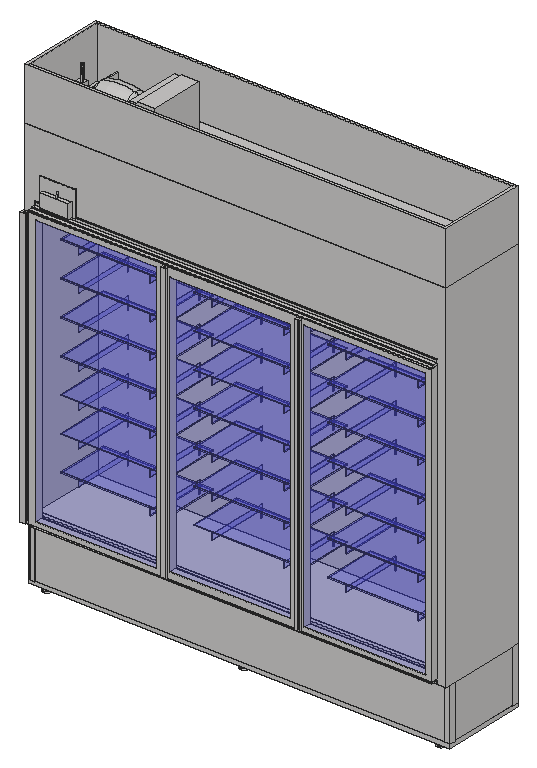
Revit family "Food-Service-Equipment_Oscartek_Muro_Gala-2274Sc_cat", category Specialty Equipment, Revit 2026
Family settings
  Round Connector Dimension = Use Diameter
  Part Type = Normal
  Classification Number = 23.40.40.11
  Work Plane-Based = No
  Enable Cutting in Views = No
  Always vertical = Yes
  Cut with Voids When Loaded = No
  Maintain Annotation Orientation = No
  Shared = No
  Room Calculation Point = No
Parameters
  Wine Shelf = Part Code = 1  # yes
  Weight in Pounds = 661  # constant formula
  Watts = Volts * FL Amps  # 2860 W
  Volts = 220 V
  URL Cutsheet = "www.oscartek.com"
  URL = "www.oscartek.com"
  Type Comments = "As Specified"
  Test Data = "http://www.oscartek.com/company/clients.php"
  Specification by User = ""
  Specification by Manufacturer = ""
  Specification = "https://www.arcat.com/arcatcos/cos48/arc48760.html"
  Show Clearance [instance] = yes
  Serial Number = ""
  Self Contained [instance] = yes
  Seismic Rating = ""
  Sales Information = "http://www.oscartek.com/company/contact.php"
  SMACNA No = ""
  Revision Code = ""
  Revision = "R1_2018-10"
  Product Data = "http://www.oscartek.com/support/manuals/"
  Phase = 1
  Part Code = 1
  Number of Poles = 1
  NAFEM Spec ID Number = ""
  Model = "MURO GALA 1552"
  Min Ckt Ampacity = 0 A
  Meat Shelf = Part Code = 2  # no
  Max Overcurrent Protection = 0 A
  Masterspec = ""
  Manufacturer Website = "http://www.oscartek.com/index.php"
  Manufacturer Phone - Toll Free = "855-885-2400"
  Manufacturer Phone = "650-342-2400"
  Manufacturer Fax = "650-342-7400"
  Manufacturer Address = "361 Beach Rd., Burlingame, CA 94010"
  Manufacturer = "OSCARTEK"
  Length = 89 1/2"
  Item Number = ""
  Installed By = ""
  Installation-Fabrication = "http://www.oscartek.com/support/manuals/"
  Identify Quantity as Lot = yes
  Height = 89 1/8"
  HP = ""
  Green Building-LEED = "https://www.arcat.com/green/green_building.shtml"
  Furnished By = ""
  Foodservice Equipment Identifier = yes
  FL Amps = 13 A
  Electrical Remarks = ""
  Electric Connection Type = ""
  Elec Conn RI Height = 0"
  Elec Conn Connection Height = 0"
  Drawn By = "Sumex Design, Inc. / Robert S. Weygant, CSI, CDT, SCIP"
  Description = "MURO GALA WINE SHOWCASE"
  Depth = 21 1/4"
  Deli/Pastry = Part Code = 3  # no
  Default Elevation = 0"
  Cycle = 60 Hz
  Copyright = "©Arcat Inc."
  Construction Details = "http://www.oscartek.com/support/manuals/"
  Conn Plug = ""
  Conn Conduit = yes
  Category = ""
  CSI MasterFormat = "11 41 33"
  Building Codes = "https://www.arcat.com/arcatcos/cos48/arc48760.html"
  BTUH = 8960.0 Btu/h  # constant formula
  Apparent Power = 0 VA
Reference planes (in)
  plane 1 "BACK": y = 0
  plane 2: z = 0
  plane 3 "LEFT": x = 0
  plane 4 "RIGHT": x = 89.5
  plane 5 "FRONT": y = -21.25
  plane 6 "TOP": z = 89.125
  plane 7 "Center Y": x = 44.75
  plane 8 "Center X": y = -10.625
  plane 9: y = -18.875
  plane 10: z = 13
  plane 11: y = -17.875
  plane 12: y = -17.10376
  plane 13: x = 0.8125
  plane 14: z = 100.3125
  plane 15: z = 13.95302
  plane 16: z = 80.25948
Forms (in)
  Extrusion 1, solid, material "QF_Metal - Stainless - Polished"
    sketch origin (2.12815, -180, 1) x (-1, 0, 0) y (0, -1, 0)
      loop
        line (2.12815, -180) -> (2.12815, -162.125) -> (-87.37185, -162.125) -> (-87.37185, -180) -> (2.12815, -180)
    from 0 to 0.77224
  Extrusion 2, solid, material "QF_Metal - Stainless - Polished"
    sketch origin (2.12815, -180, 1) x (-1, 0, 0) y (0, -1, 0)
      loop
        line (2.00315, -179.875) -> (2.00315, -162.25) -> (-87.24685, -162.25) -> (-87.24685, -179.875) -> (2.00315, -179.875)
    from 0.77224 to 12
  Extrusion 3, solid, material "QF_Metal - Stainless - Polished"
    sketch origin (2.12815, -180, 1) x (-1, 0, 0) y (0, -1, 0)
      loop
        line (2.12815, -162.125) -> (0.9471, -162.125) -> (0.9471, -162.25) -> (2.00315, -162.25) -> (2.00315, -163.30158) -> (2.12815, -163.30158) -> (2.12815, -162.125)
      loop
        line (2.12815, -180) -> (2.12815, -178.82342) -> (2.00315, -178.82342) -> (2.00315, -179.875) -> (0.9471, -179.875) -> (0.9471, -180) -> (2.12815, -180)
      loop
        line (-87.37185, -162.125) -> (-87.37185, -163.30158) -> (-87.24685, -163.30158) -> (-87.24685, -162.25) -> (-86.19079, -162.25) -> (-86.19079, -162.125) -> (-87.37185, -162.125)
      loop
        line (-87.37185, -180) -> (-86.19079, -180) -> (-86.19079, -179.875) -> (-87.24685, -179.875) -> (-87.24685, -178.82342) -> (-87.37185, -178.82342) -> (-87.37185, -180)
    from 0.77224 to 12
  Extrusion 4, solid, material "QF_Metal - Stainless - Polished"
    sketch origin (2.22482, -18.69945, 16.73883) x (0, 0, 1) y (0, 1, 0)
      loop
        line (60.874, -0.20444) -> (58.03695, -0.13289) -> (58.03695, -0.02289) -> (57.95815, -0.02289) -> (57.95815, -1.42335) -> (58.03068, -1.42335) -> (58.03068, -1.31499) -> (60.874, -1.24344) -> (60.874, -0.20444)
    from -7.78986 to -1.85098
  Extrusion 5, solid, material "QF_Metal - Stainless - Polished"
    sketch origin (2.59531, -18.82445, 1.00948) x (1, 0, 0) y (0, 0, 1)
      loop
        line (4.67444, 77.66724) -> (4.52238, 77.66724) -> (4.4293, 76.60335) -> (4.74884, 76.60335) -> (4.67444, 77.66724)
    from 0.55953 to 0.63834
  Extrusion 6, solid, material "QF_Metal - Stainless - Polished"
    sketch origin (2.59531, -16.70625, 1.00948) x (1, 0, 0) y (0, 0, 1)
      loop
        line (0.70465, 79.25) -> (0.70465, 73.6875) -> (8.18733, 73.6875) -> (8.18733, 79.25) -> (0.70465, 79.25)
    from 2.16875 to 2.29518
  Extrusion 7, solid, material "QF_Metal - Stainless - Polished", not visible
    sketch origin (1.45466, -18.69945, 15.86172) x (0, 0, 1) y (0, 1, 0)
      loop
        line (60.874, -0.20444) -> (58.03695, -0.13289) -> (58.03695, -0.02289) -> (57.95815, -0.02289) -> (57.95815, -1.42335) -> (58.03068, -1.42335) -> (58.03068, -1.31499) -> (60.874, -1.24344) -> (60.874, -0.20444)
    from -7.78986 to -1.85098
  Extrusion 8, solid, material "QF_Metal - Stainless - Polished", not visible
    sketch origin (1.82515, -18.82445, 0.13237) x (1, 0, 0) y (0, 0, 1)
      loop
        line (4.67444, 77.66724) -> (4.52238, 77.66724) -> (4.4293, 76.60335) -> (4.74884, 76.60335) -> (4.67444, 77.66724)
    from 0.55953 to 0.63834
  Extrusion 9, solid, material "QF_Metal - Stainless - Polished", not visible
    sketch origin (1.82515, -16.70625, 0.13237) x (1, 0, 0) y (0, 0, 1)
      loop
        line (0.70465, 79.25) -> (0.70465, 73.6875) -> (8.18733, 73.6875) -> (8.18733, 79.25) -> (0.70465, 79.25)
    from 2.16875 to 2.29518
  Revolve 10, solid, material "QF_Metal - Stainless - Polished"
    sketch origin (0.60934, -16.5, 0) x (1, 0, 0) y (0, 0, 1)
      loop
        line (2.26562, 1) -> (2.06871, 1) -> (2.06871, 0.39383) -> (1.89149, 0.39383) -> (1.89149, 0.22612) -> (1.33888, 0.22612) -> (1.29089, 0.11815) -> (1.55673, 0) -> (2.26562, 0) -> (2.26562, 1)
      axis (2.26562, 1) -> (2.26562, 0)
    angle from 0 to 360
  Revolve 11, solid, material "QF_Metal - Stainless - Polished"
    sketch origin (0.60934, -1.37841, 0) x (1, 0, 0) y (0, 0, 1)
      loop
        line (2.26562, 1) -> (2.06871, 1) -> (2.06871, 0.39383) -> (1.89149, 0.39383) -> (1.89149, 0.22612) -> (1.33888, 0.22612) -> (1.29089, 0.11815) -> (1.55673, 0) -> (2.26562, 0) -> (2.26562, 1)
      axis (2.26562, 1) -> (2.26562, 0)
    angle from 0 to 360
  Revolve 12, solid, material "QF_Metal - Stainless - Polished"
    sketch origin (88.89066, -16.5, 0) x (-1, 0, 0) y (0, 0, -1)
      loop
        line (2.26562, -1) -> (2.26562, 0) -> (1.55673, 0) -> (1.29089, -0.11815) -> (1.33888, -0.22612) -> (1.89149, -0.22612) -> (1.89149, -0.39383) -> (2.06871, -0.39383) -> (2.06871, -1) -> (2.26562, -1)
      axis (2.26562, -1) -> (2.26562, 0)
    angle from 0 to 360
  Revolve 13, solid, material "QF_Metal - Stainless - Polished"
    sketch origin (88.89066, -1.37841, 0) x (-1, 0, 0) y (0, 0, -1)
      loop
        line (2.26562, -1) -> (2.26562, 0) -> (1.55673, 0) -> (1.29089, -0.11815) -> (1.33888, -0.22612) -> (1.89149, -0.22612) -> (1.89149, -0.39383) -> (2.06871, -0.39383) -> (2.06871, -1) -> (2.26562, -1)
      axis (2.26562, -1) -> (2.26562, 0)
    angle from 0 to 360
  Revolve 14, solid, material "QF_Metal - Stainless - Polished"
    sketch origin (42.48438, -16.5, 0.04719) x (1, 0, 0) y (0, 0, 1)
      loop
        line (2.26562, 1) -> (2.06871, 1) -> (2.06871, 0.39383) -> (1.89149, 0.39383) -> (1.89149, 0.22612) -> (1.33888, 0.22612) -> (1.29089, 0.11815) -> (1.55673, 0) -> (2.26562, 0) -> (2.26562, 1)
      axis (2.26562, 1) -> (2.26562, 0)
    angle from 0 to 360
  Revolve 15, solid, material "QF_Metal - Stainless - Polished"
    sketch origin (42.48438, -1.37841, 0.04719) x (1, 0, 0) y (0, 0, 1)
      loop
        line (2.26562, 1) -> (2.06871, 1) -> (2.06871, 0.39383) -> (1.89149, 0.39383) -> (1.89149, 0.22612) -> (1.33888, 0.22612) -> (1.29089, 0.11815) -> (1.55673, 0) -> (2.26562, 0) -> (2.26562, 1)
      axis (2.26562, 1) -> (2.26562, 0)
    angle from 0 to 360
  Extrusion 16, solid, material "QF_Metal - Stainless - Polished", visible <- "Self Contained"
    sketch origin (-2.13784, -1.9932, 0) x (1, 0, 0) y (0, 0, 1)
      loop
        line (28.28383, 89.70947) -> (8.19847, 89.70947) -> (8.19847, 89.125) -> (28.28383, 89.125) -> (28.28383, 89.70947)
    from 3.4046 to 15.22562
  Extrusion 17, solid, material "QF_Metal - Stainless - Polished", visible <- "Self Contained"
    sketch origin (-2.13784, -1.9932, 92.46624) x (1, 0, 0) y (0, 1, 0)
      loop
        circle (4.16024, -4.31623) r 0.25
      loop
        circle (4.62786, -4.86867) r 0.125
    from 0 to 3.1506
  Extrusion 18, solid, material "QF_Metal - Stainless - Polished", visible <- "Self Contained"
    sketch origin (0.77037, -17.21882, 0) x (1, 0, 0) y (0, 0, 1)
      loop
        line (25.37562, 100.2006) -> (21.75243, 100.2006) -> (21.75243, 99.8125) -> (20.17713, 99.8125) -> (20.17713, 98.71313) -> (19.3501, 98.71313) -> (19.3501, 89.96545) -> (20.17713, 89.96545) -> (20.17713, 89.70947) -> (25.37562, 89.70947) -> (25.37562, 100.2006)
    from 0 to -11.82102
  Revolve 19, solid, material "QF_Metal - Stainless - Polished", visible <- "Self Contained"
    sketch origin (3.46994, -9.94729, 89.0625) x (-1, 0, 0) y (0, 0, 1)
      loop
        line (-13.66038, 4.6524) -> (-5.17978, 4.6524) -> (-5.17978, 4.869) -> (-5.24369, 4.93291) -> (-5.43877, 7.16271)
        arc (-5.43877, 7.16271) -> (-5.67776, 7.50021) -> (-6.03996, 7.69977) r 0.92463
        arc (-6.03996, 7.69977) -> (-9.42008, 8.06709) -> (-12.80019, 7.69977) r 15.73567
        arc (-12.80019, 7.69977) -> (-13.1624, 7.50021) -> (-13.40138, 7.16271) r 0.92463
        line (-13.40138, 7.16271) -> (-13.60206, 4.869) -> (-13.66038, 4.869) -> (-13.66038, 4.6524)
      axis (-5.17978, 4.6524) -> (-13.66038, 4.6524)
    angle from 0 to 360
  Extrusion 20, solid, material "QF_Metal - Stainless - Polished", visible <- "Self Contained"
    sketch origin (3.46994, -4.94729, 89.0625) x (-1, 0, 0) y (0, 0, 1)
      loop
        line (-5.01275, 0.64697) -> (-5.01275, 1.27676) -> (-2.78924, 1.27676) -> (-2.78924, 2.14583) -> (-3.31289, 2.14583) -> (-3.31289, 2.52038) -> (-3.56662, 2.52038) -> (-3.67035, 5.49102) -> (-4.83149, 5.49102) -> (-4.86639, 6.49041) -> (-5.15029, 6.54047) -> (-5.15029, 0.90295) -> (-13.65029, 0.90295) -> (-13.65029, 2.14583) -> (-16.65029, 2.14583) -> (-16.65029, 0.90295) -> (-17.47732, 0.90295) -> (-17.47732, 0.64697) -> (-5.01275, 0.64697)
    from 0 to -5
  Extrusion 21, solid, material "QF_Metal - Stainless - Polished", visible <- "Self Contained"
    sketch origin (-2.22996, -1.9932, 89.0625) x (1, 0, 0) y (0, 1, 0)
      loop
        line (5.16662, -3.95044) -> (3.74885, -3.95044) -> (3.74885, -5.36897) -> (5.16662, -5.36897) -> (5.16662, -3.95044)
    from 0.0625 to 3.40374
  Extrusion 22, solid, material "QF_Metal - Stainless - Polished", visible <- "Self Contained"
    sketch origin (20.12047, -17.2996, 98.20473) x (0, 0, -1) y (0, -1, 0)
      loop
        line (2.45334, -8.86432) -> (5.46386, -8.86432) -> (5.46386, -5.84032) -> (2.45334, -5.84032) -> (2.45334, -8.86432)
    from 0 to 1.83262
  Extrusion 23, solid, material "QF_Metal - Stainless - Polished"
    sketch origin (-38.39759, -180, 89.125) x (-1, 0, 0) y (0, -1, 0)
      loop
        line (-38.39759, -180) -> (-38.39759, -161.125) -> (-127.89759, -161.125) -> (-127.89759, -180) -> (-38.39759, -180)
      loop
        line (-38.89759, -179.5) -> (-38.89759, -161.625) -> (-127.39759, -161.625) -> (-127.39759, -179.5) -> (-38.89759, -179.5)
    from 0 to 11.1875
  Extrusion 24, solid, material "QF_Metal - Stainless - Polished", visible <- "Self Contained", not visible
    sketch origin (0, 0, 0) x (1, 0, 0) y (0, 0, 1)
      loop
        line (28.28383, 89.70947) -> (8.19847, 89.70947) -> (8.19847, 89.125) -> (28.28383, 89.125) -> (28.28383, 89.70947)
    from 3.4046 to 15.22562
  Extrusion 25, solid, material "QF_Metal - Stainless - Polished", visible <- "Self Contained", not visible
    sketch origin (0, 0, 92.46624) x (1, 0, 0) y (0, 1, 0)
      loop
        circle (4.16024, -4.31623) r 0.25
      loop
        circle (4.62786, -4.86867) r 0.125
    from 0 to 3.1506
  Extrusion 26, solid, material "QF_Metal - Stainless - Polished", visible <- "Self Contained", not visible
    sketch origin (2.90821, -15.22562, 0) x (1, 0, 0) y (0, 0, 1)
      loop
        line (25.37562, 100.2006) -> (21.75243, 100.2006) -> (21.75243, 99.8125) -> (20.17713, 99.8125) -> (20.17713, 98.71313) -> (19.3501, 98.71313) -> (19.3501, 89.96545) -> (20.17713, 89.96545) -> (20.17713, 89.70947) -> (25.37562, 89.70947) -> (25.37562, 100.2006)
    from 0 to -11.82102
  Revolve 27, solid, material "QF_Metal - Stainless - Polished", visible <- "Self Contained", not visible
    sketch origin (5.60778, -7.95408, 89.0625) x (-1, 0, 0) y (0, 0, 1)
      loop
        line (-13.66038, 4.6524) -> (-5.17978, 4.6524) -> (-5.17978, 4.869) -> (-5.24369, 4.93291) -> (-5.43877, 7.16271)
        arc (-5.43877, 7.16271) -> (-5.67776, 7.50021) -> (-6.03996, 7.69977) r 0.92463
        arc (-6.03996, 7.69977) -> (-9.42008, 8.06709) -> (-12.80019, 7.69977) r 15.73567
        arc (-12.80019, 7.69977) -> (-13.1624, 7.50021) -> (-13.40138, 7.16271) r 0.92463
        line (-13.40138, 7.16271) -> (-13.60206, 4.869) -> (-13.66038, 4.869) -> (-13.66038, 4.6524)
      axis (-5.17978, 4.6524) -> (-13.66038, 4.6524)
    angle from 0 to 360
  Extrusion 28, solid, material "QF_Metal - Stainless - Polished", visible <- "Self Contained", not visible
    sketch origin (5.60778, -2.95408, 89.0625) x (-1, 0, 0) y (0, 0, 1)
      loop
        line (-5.01275, 0.64697) -> (-5.01275, 1.27676) -> (-2.78924, 1.27676) -> (-2.78924, 2.14583) -> (-3.31289, 2.14583) -> (-3.31289, 2.52038) -> (-3.56662, 2.52038) -> (-3.67035, 5.49102) -> (-4.83149, 5.49102) -> (-4.86639, 6.49041) -> (-5.15029, 6.54047) -> (-5.15029, 0.90295) -> (-13.65029, 0.90295) -> (-13.65029, 2.14583) -> (-16.65029, 2.14583) -> (-16.65029, 0.90295) -> (-17.47732, 0.90295) -> (-17.47732, 0.64697) -> (-5.01275, 0.64697)
    from 0 to -5
  Extrusion 29, solid, material "QF_Metal - Stainless - Polished", visible <- "Self Contained", not visible
    sketch origin (-0.09212, 0, 89.0625) x (1, 0, 0) y (0, 1, 0)
      loop
        line (5.16662, -3.95044) -> (3.74885, -3.95044) -> (3.74885, -5.36897) -> (5.16662, -5.36897) -> (5.16662, -3.95044)
    from 0.0625 to 3.40374
  Extrusion 30, solid, material "QF_Metal - Stainless - Polished", visible <- "Self Contained", not visible
    sketch origin (22.2583, -15.3064, 98.20473) x (0, 0, -1) y (0, -1, 0)
      loop
        line (2.45334, -8.86432) -> (5.46386, -8.86432) -> (5.46386, -5.84032) -> (2.45334, -5.84032) -> (2.45334, -8.86432)
    from 0 to 1.83262
Lines and regions (in)
  Split face 1
    outline origin (0.77037, -17.21882, 0) x (1, 0, 0) y (0, 0, 1)
      loop
        line (20.17713, 98.71313) -> (20.17713, 89.96545)
      loop
        line (21.75243, 99.8125) -> (21.75243, 89.70947)
  Split face 2, not visible
    outline origin (2.90821, -15.22562, 0) x (1, 0, 0) y (0, 0, 1)
      loop
        line (20.17713, 98.71313) -> (20.17713, 89.96545)
      loop
        line (21.75243, 99.8125) -> (21.75243, 89.70947)
Dimensions and locks (in)
  equal spacing: plane 3 "LEFT", plane 7 "Center Y", plane 4 "RIGHT"
  "Length": plane 3 "LEFT" to plane 4 "RIGHT"
  equal spacing: plane 5 "FRONT", plane 8 "Center X", plane 1 "BACK"
  "Depth": plane 5 "FRONT" to plane 1 "BACK"
  "Height": plane 6 "TOP" to level
  plane 1 "BACK" to plane 9 = 18 7/8"
  plane 10 to plane 2 = 13"
  plane 11 to plane 1 "BACK" = 17 7/8"
  plane 5 "FRONT" to plane 1 "BACK" = 21 1/4"
  plane 2 to plane 10 = 13"
  plane 10 to plane 6 "TOP" = 76 1/8"
  plane 6 "TOP" to plane 2 = 89 1/8"
  plane 14 to plane 6 "TOP" to plane 10 to level = 11 3/16", 76 1/8", 13"
  plane 14 to level = 100 5/16"
  Extrusion 1 to level = 1"
  nested 1 to nested 1 = 59 9/16"
  aligned and locked: level to plane 2
  aligned and locked: plane 1 "BACK" to nested 1
  aligned and locked: plane 6 "TOP" to nested 1
Automatic sketch dimensions
  Extrusion 4 sketch curve to Extrusion 4 sketch curve = 0.07253"
  Extrusion 4 sketch curve to Extrusion 4 sketch curve = 0.07881"
  Extrusion 4 sketch curve to Extrusion 4 sketch curve = 2.84332"
  Extrusion 4 sketch curve to Extrusion 4 sketch curve = 0.10836"
  Extrusion 4 sketch curve to Extrusion 4 sketch curve = 0.11"
  Extrusion 5 sketch curve to Extrusion 5 sketch curve = 0.09308"
  Extrusion 5 sketch curve to Extrusion 5 sketch curve = 0.15206"
  Extrusion 5 sketch curve to Extrusion 5 sketch curve = 0.31954"
  Extrusion 5 sketch curve to Extrusion 5 sketch curve = 1.06389"
  Extrusion 6 sketch curve to Extrusion 6 sketch curve = 5 9/16"
  Extrusion 4 sketch curve to Extrusion 4 sketch curve = 0.07155"
  Extrusion 4 sketch curve to Extrusion 4 sketch curve = 1.039"
  Extrusion 4 sketch curve to Extrusion 4 sketch curve = 1.1821"
  Extrusion 6 sketch curve to Extrusion 6 sketch curve = 7.48268"
  Extrusion 7 sketch curve to Extrusion 7 sketch curve = 0.07253"
  Extrusion 7 sketch curve to Extrusion 7 sketch curve = 0.07881"
  Extrusion 7 sketch curve to Extrusion 7 sketch curve = 2.84332"
  Extrusion 7 sketch curve to Extrusion 7 sketch curve = 0.10836"
  Extrusion 7 sketch curve to Extrusion 7 sketch curve = 0.11"
  Extrusion 8 sketch curve to Extrusion 8 sketch curve = 0.09308"
  Extrusion 8 sketch curve to Extrusion 8 sketch curve = 0.15206"
  Extrusion 8 sketch curve to Extrusion 8 sketch curve = 0.31954"
  Extrusion 8 sketch curve to Extrusion 8 sketch curve = 1.06389"
  Extrusion 9 sketch curve to Extrusion 9 sketch curve = 5 9/16"
  Extrusion 7 sketch curve to Extrusion 7 sketch curve = 0.07155"
  Extrusion 7 sketch curve to Extrusion 7 sketch curve = 1.039"
  Extrusion 7 sketch curve to Extrusion 7 sketch curve = 1.1821"
  Extrusion 9 sketch curve to Extrusion 9 sketch curve = 7.48268"
  plane 1 "BACK" to Extrusion 1 sketch curve = 0"
  Extrusion 1 sketch curve to plane 4 "RIGHT" = 0"
  Extrusion 1 sketch curve to plane 3 "LEFT" = 0"
  Extrusion 1 sketch curve to plane 11 = 0"
  plane 4 "RIGHT" to Extrusion 2 sketch curve = 1/8"
  plane 3 "LEFT" to Extrusion 2 sketch curve = 1/8"
  plane 1 "BACK" to Extrusion 2 sketch curve = 1/8"
  plane 11 to Extrusion 2 sketch curve = 1/8"
  Extrusion 3 sketch curve to plane 4 "RIGHT" = 0"  (x2)
  plane 1 "BACK" to Extrusion 3 sketch curve = 0"  (x2)
  Extrusion 3 sketch curve to plane 11 = 0"  (x2)
  Extrusion 3 sketch curve to plane 3 "LEFT" = 0"  (x2)
  plane 4 "RIGHT" to Extrusion 3 sketch curve = 1/8"  (x2)
  Extrusion 3 sketch curve to Extrusion 3 sketch curve = 1.05605"  (x2)
  plane 1 "BACK" to Extrusion 3 sketch curve = 1/8"
  Extrusion 3 sketch curve to plane 13 = 0.36855"  (x2)
  plane 3 "LEFT" to Extrusion 3 sketch curve = 1/8"  (x2)
  Extrusion 3 sketch curve to Extrusion 3 sketch curve = 1/8"
  Extrusion 3 sketch curve to Extrusion 3 sketch curve = 1.05158"  (x2)
  plane 12 to Extrusion 3 sketch curve = 0.40535"  (x2)
  plane 11 to Extrusion 3 sketch curve = 1/8"  (x2)
  Revolve 10 sketch curve to level = 0"
  level to Revolve 10 sketch curve = 0.11815"
  Revolve 10 sketch curve to plane 13 = 1.08773"
  level to Revolve 10 sketch curve = 0.22612"
  Revolve 10 sketch curve to Revolve 10 sketch curve = 0.04798"
  Revolve 10 sketch curve to Revolve 10 sketch curve = 0.33476"
  Revolve 10 sketch curve to Revolve 10 sketch curve = 0.17722"
  Revolve 10 sketch curve to Revolve 10 sketch curve = 0.37414"
  Revolve 10 sketch curve to Revolve 10 sketch curve = 0.16772"
  Revolve 10 sketch curve to Revolve 10 sketch curve = 0.60617"
  Revolve 10 sketch curve to Revolve 10 sketch curve = 0"
  Revolve 10 sketch curve to Revolve 10 sketch curve = 0.54285"
  Revolve 10 sketch curve to Revolve 10 sketch curve = 0.1519"
  Revolve 11 sketch curve to level = 0"
  level to Revolve 11 sketch curve = 0.11815"
  Revolve 11 sketch curve to plane 13 = 1.08773"
  level to Revolve 11 sketch curve = 0.22612"
  Revolve 11 sketch curve to Revolve 11 sketch curve = 0.04798"
  Revolve 11 sketch curve to Revolve 11 sketch curve = 0.33476"
  Revolve 11 sketch curve to Revolve 11 sketch curve = 0.17722"
  Revolve 11 sketch curve to Revolve 11 sketch curve = 0.37414"
  Revolve 11 sketch curve to Revolve 11 sketch curve = 0.16772"
  Revolve 11 sketch curve to Revolve 11 sketch curve = 0.60617"
  Revolve 11 sketch curve to Revolve 11 sketch curve = 0"
  Revolve 11 sketch curve to Revolve 11 sketch curve = 0.54285"
  Revolve 11 sketch curve to Revolve 11 sketch curve = 0.1519"
  Revolve 12 sketch curve to level = 0"
  level to Revolve 12 sketch curve = 0.11815"
  plane 4 "RIGHT" to Revolve 12 sketch curve = 1.90023"
  level to Revolve 12 sketch curve = 0.22612"
  Revolve 12 sketch curve to Revolve 12 sketch curve = 0.04798"
  Revolve 12 sketch curve to Revolve 12 sketch curve = 0.33476"
  Revolve 12 sketch curve to Revolve 12 sketch curve = 0.17722"
  Revolve 12 sketch curve to Revolve 12 sketch curve = 0.37414"
  Revolve 12 sketch curve to Revolve 12 sketch curve = 0.16772"
  Revolve 12 sketch curve to Revolve 12 sketch curve = 0.60617"
  Revolve 12 sketch curve to Revolve 12 sketch curve = 0"
  Revolve 12 sketch curve to Revolve 12 sketch curve = 0.54285"
  Revolve 12 sketch curve to Revolve 12 sketch curve = 0.1519"
  Revolve 13 sketch curve to level = 0"
  level to Revolve 13 sketch curve = 0.11815"
  plane 4 "RIGHT" to Revolve 13 sketch curve = 1.90023"
  level to Revolve 13 sketch curve = 0.22612"
  Revolve 13 sketch curve to Revolve 13 sketch curve = 0.04798"
  Revolve 13 sketch curve to Revolve 13 sketch curve = 0.33476"
  Revolve 13 sketch curve to Revolve 13 sketch curve = 0.17722"
  Revolve 13 sketch curve to Revolve 13 sketch curve = 0.37414"
  Revolve 13 sketch curve to Revolve 13 sketch curve = 0.16772"
  Revolve 13 sketch curve to Revolve 13 sketch curve = 0.60617"
  Revolve 13 sketch curve to Revolve 13 sketch curve = 0"
  Revolve 13 sketch curve to Revolve 13 sketch curve = 0.54285"
  Revolve 13 sketch curve to Revolve 13 sketch curve = 0.1519"
  Revolve 14 sketch curve to plane 7 "Center Y" = 0"  (x2)
  Revolve 14 sketch curve to Revolve 14 sketch curve = 0.19692"
  Revolve 14 sketch curve to Revolve 14 sketch curve = 0.17722"
  level to Revolve 14 sketch curve = 0.04719"
  Revolve 14 sketch curve to Revolve 14 sketch curve = 0.33476"
  Revolve 14 sketch curve to Revolve 14 sketch curve = 0.21785"
  level to Revolve 14 sketch curve = 0.16534"
  Revolve 14 sketch curve to Revolve 14 sketch curve = 0.04798"
  Revolve 14 sketch curve to Revolve 14 sketch curve = 0.16772"
  Revolve 14 sketch curve to Revolve 14 sketch curve = 0.60617"
  Revolve 14 sketch curve to Revolve 14 sketch curve = 0.54285"
  Revolve 14 sketch curve to Revolve 14 sketch curve = 0.1519"
  Revolve 15 sketch curve to plane 7 "Center Y" = 0"  (x2)
  Revolve 15 sketch curve to Revolve 15 sketch curve = 0.19692"
  Revolve 15 sketch curve to Revolve 15 sketch curve = 0.17722"
  level to Revolve 15 sketch curve = 0.04719"
  Revolve 15 sketch curve to Revolve 15 sketch curve = 0.33476"
  Revolve 15 sketch curve to Revolve 15 sketch curve = 0.21785"
  level to Revolve 15 sketch curve = 0.16534"
  Revolve 15 sketch curve to Revolve 15 sketch curve = 0.04798"
  Revolve 15 sketch curve to Revolve 15 sketch curve = 0.16772"
  Revolve 15 sketch curve to Revolve 15 sketch curve = 0.60617"
  Revolve 15 sketch curve to Revolve 15 sketch curve = 0.54285"
  Revolve 15 sketch curve to Revolve 15 sketch curve = 0.1519"
  Extrusion 16 sketch curve to Extrusion 16 sketch curve = 20.08536"
  Extrusion 16 sketch curve to Extrusion 16 sketch curve = 0.58447"
  Extrusion 18 sketch curve to Extrusion 18 sketch curve = 0.82703"  (x2)
  Extrusion 18 sketch curve to Extrusion 18 sketch curve = 1.5753"
  Extrusion 18 sketch curve to Extrusion 18 sketch curve = 5.19849"
  Extrusion 18 sketch curve to Extrusion 18 sketch curve = 0.25599"
  Extrusion 18 sketch curve to Extrusion 18 sketch curve = 8.74768"
  Extrusion 18 sketch curve to Extrusion 18 sketch curve = 1.09937"
  Extrusion 18 sketch curve to Extrusion 18 sketch curve = 0.3881"
  Extrusion 18 to Split face 1 sketch curve = 0"  (x2)
  Split face 1 sketch curve to Extrusion 18 = 0"  (x4)
  Extrusion 20 to Revolve 19 sketch curve = 0.01009"
  Revolve 19 sketch curve to Extrusion 20 = 0.04823"
  Revolve 19 sketch curve to Extrusion 20 = 0.2489"
  Revolve 19 sketch curve to Revolve 19 sketch curve = 0.85499"
  Revolve 19 sketch curve to Extrusion 20 = 4.23021"
  Revolve 19 sketch curve to Extrusion 20 = 1.14347"
  Revolve 19 sketch curve to Extrusion 20 = 0.28848"
  Revolve 19 sketch curve to Extrusion 20 = 0.0934"
  Revolve 19 sketch curve to Extrusion 20 = 0.02949"
  Revolve 19 sketch curve to Extrusion 20 = 8.31554"
  Extrusion 20 to Revolve 19 sketch curve = 0.83862"  (x2)
  Revolve 19 sketch curve to Revolve 19 sketch curve = 0.2166"  (x2)
  Revolve 19 sketch curve to Revolve 19 sketch curve = 0.06391"
  Revolve 19 sketch curve to Extrusion 20 = 1.31964"  (x2)
  Revolve 19 sketch curve to Revolve 19 sketch curve = 0.35206"  (x2)
  Revolve 19 sketch curve to Revolve 19 sketch curve = 0.38189"
  Revolve 19 sketch curve to Revolve 19 sketch curve = 0.60119"
  Revolve 19 sketch curve to Revolve 19 sketch curve = 1.30979"
  Extrusion 20 sketch curve to Extrusion 20 sketch curve = 0.82703"
  Extrusion 20 sketch curve to Extrusion 20 sketch curve = 3"
  Extrusion 20 sketch curve to Extrusion 20 sketch curve = 8 1/2"
  Extrusion 20 sketch curve to Extrusion 20 sketch curve = 0.13754"
  Extrusion 20 sketch curve to Extrusion 20 sketch curve = 0.2839"
  Extrusion 20 sketch curve to Extrusion 20 sketch curve = 0.0349"
  Extrusion 20 sketch curve to Extrusion 20 sketch curve = 1.16113"
  Extrusion 20 sketch curve to Extrusion 20 sketch curve = 1.44613"
  Extrusion 20 sketch curve to Extrusion 20 sketch curve = 0.25373"
  Extrusion 20 sketch curve to Extrusion 20 sketch curve = 0.52365"
  Extrusion 20 sketch curve to Extrusion 20 sketch curve = 0.25599"
  Extrusion 20 sketch curve to Extrusion 20 sketch curve = 0"
  Extrusion 20 sketch curve to Extrusion 20 sketch curve = 0.62979"
  Extrusion 20 sketch curve to Extrusion 20 sketch curve = 0.86907"
  Extrusion 20 sketch curve to Extrusion 20 sketch curve = 1.24288"
  Extrusion 20 sketch curve to Extrusion 20 sketch curve = 0.37456"
  Extrusion 20 sketch curve to Extrusion 20 sketch curve = 2.97063"
  Extrusion 20 sketch curve to Extrusion 20 sketch curve = 0.99939"
  Extrusion 20 sketch curve to Extrusion 20 sketch curve = 0.05006"
  Extrusion 17 sketch curve to Extrusion 17 sketch curve = 0.46763"
  Extrusion 17 sketch curve to Extrusion 17 sketch curve = 0.55243"
  Extrusion 21 sketch curve to Extrusion 21 sketch curve = 1.41777"
  Extrusion 21 sketch curve to Extrusion 21 sketch curve = 1.41852"
  Extrusion 22 sketch curve to Extrusion 22 sketch curve = 3.01052"
  Extrusion 22 sketch curve to Extrusion 22 sketch curve = 3.02399"
  Extrusion 24 sketch curve to Extrusion 24 sketch curve = 20.08536"
  Extrusion 24 sketch curve to Extrusion 24 sketch curve = 0.58447"
  Extrusion 25 sketch curve to Extrusion 25 sketch curve = 0.46763"
  Extrusion 25 sketch curve to Extrusion 25 sketch curve = 0.55243"
  plane 1 "BACK" to Extrusion 23 sketch curve = 0"
  plane 9 to Extrusion 23 sketch curve = 0"
  Extrusion 23 sketch curve to plane 3 "LEFT" = 0"
  plane 13 to Extrusion 23 sketch curve = 5/16"
  plane 1 "BACK" to Extrusion 23 sketch curve = 1/2"
  plane 7 "Center Y" to Extrusion 23 sketch curve = 44 1/4"
  Extrusion 23 sketch curve to Extrusion 23 sketch curve = 1/2"
  Extrusion 23 sketch curve to plane 9 = 1/2"
  radius of Extrusion 17 sketch curve = 1/4"
  radius of Extrusion 17 sketch curve = 1/8"
  radius of Extrusion 25 sketch curve = 1/4"
  radius of Extrusion 25 sketch curve = 1/8"
Nested families (in)
  nested 1: "MURO GALA 2274SC" at (0, 0, 6.9375), Show Clearance <- "Show Clearance", type "MURO GALA 2274SC"
    with Show Clearance yes
Connectors (in)
  electrical at (44.75, -0.125, 7.38612), driven by "Volts", driven by "Watts"
    settings: on Extrusion 2, index 2, voltage 220 V, apparent load 2860 VA, apparent load phase1 0 VA, apparent load phase2 0 VA, apparent load phase3 0 VA, power factor 1, load classification "Other", number of poles 1, system type 30, power factor state 1, is connector primary yes, connector utility no, sub classification motor no, connector description "ELECTRICAL CONNECTION"
  piping at (2.0224, -6.30944, 95.61684), diameter 0.5
    settings: on Extrusion 17, index 3, connector inside diameter 24", connector length 0", flow factor 0, pipe flow 0 GPM, pressure drop 0.00 psi, fitting loss kfactor 0, connector angle 0.00°, fixture units 0, engagement length 0", angle of deflection 0.00°, flow configuration 1, flow direction 1, fitting loss method 0, system type 7, joint type 0, gender type 0, connector reference index -1, connector utility 0, adjustable connector no, is connector primary yes, connector description "REFRIGERATION CONNECTION"
Definition of nested family "MURO GALA 2274SC"
  Parameters
    Wine Shelf = Part Code = 1  # yes
    Weight in Pounds = 661
    Watts = Volts * FL Amps  # 990 W
    Volts = 220 V
    URL Cutsheet = "www.oscartek.com"
    URL = "www.oscartek.com"
    Specification by User = ""
    Specification by Manufacturer = ""
    Show Clearance [instance] = yes
    Serial Number = ""
    Seismic Rating = ""
    SMACNA No = ""
    Revision Code = ""
    Phase = 1
    Part Code = 1
    Number of Poles = 1
    NAFEM Spec ID Number = ""
    Model = "MURO GALA 2274"
    Min Ckt Ampacity = 0 A
    Meat Shelf = Part Code = 2  # no
    Max Overcurrent Protection = 0 A
    Masterspec = ""
    Manufacturer = "OSCARTEK"
    Length = 89 1/2"
    Item Number = ""
    Installed By = ""
    Identify Quantity as Lot = yes
    Height = 82 3/16"
    HP = ""
    Furnished By = ""
    Foodservice Equipment Identifier = yes
    FL Amps = 4.5 A
    Electrical Remarks = ""
    Electric Connection Type = ""
    Elec Conn RI Height = 0"
    Elec Conn Connection Height = 0"
    Description = "MURO GALA WINE SHOWCASE"
    Depth = 21 1/4"
    Deli/Pastry = Part Code = 3  # no
    Default Elevation = 0"
    Cycle = 60 Hz
    Conn Plug = ""
    Conn Conduit = yes
    CSI MasterFormat = ""
    BTUH = 8960.0 Btu/h
    Apparent Power = 0 VA
  Reference planes (in)
    plane 1 "BACK": y = 0
    plane 2: z = 0
    plane 3 "LEFT": x = 0
    plane 4 "RIGHT": x = 89.5
    plane 5 "FRONT": y = -21.25
    plane 6 "TOP": z = 82.1875
    plane 7 "Center Y": x = 44.75
    plane 8 "Center X": y = -10.625
    plane 9: y = -18.875
    plane 10: z = 7.51552
    plane 11: z = 66.57802
    plane 12: z = 7.51552
    plane 13: z = 66.57802
    plane 14: y = -17.875
    plane 15: y = -17.10376
    plane 16: x = 0.8125
    plane 17: x = 33.0625
    plane 18: x = 61.5
    plane 19: z = 6.0625
    plane 20: z = 7.01552
    plane 21: z = 66.57802
  Forms (in)
    Extrusion 1, solid
      sketch origin (31.6875, 0, 0) x (0, -1, 0) y (0, 0, 1)
        loop
          line (18.90603, 6.70508) -> (20.31099, 6.70508) -> (20.31099, 6.82323) -> (18.70021, 6.82323) -> (18.70021, 8.56381) -> (17.89196, 8.56381) -> (17.89196, 6.0625) -> (18.90603, 6.0625) -> (18.90603, 6.70508)
        loop
          line (18.875, 68) -> (17.91056, 68) -> (17.91056, 66.5144) -> (18.70905, 66.5144) -> (18.70905, 66.81986) -> (20.31325, 66.81986) -> (20.31325, 66.94487) -> (19.71428, 66.94487) -> (19.71428, 67.14799) -> (18.70905, 67.14799) -> (18.70905, 67.80947) -> (18.875, 67.80947) -> (18.875, 68)
      from -55.8125 to 29.6875
    Extrusion 2, solid
      sketch origin (1, -18.875, 82.1875) x (0, 0, -1) y (1, 0, 0)
        loop
          line (15.60948, 0.92068) -> (75.17198, 0.92068) -> (75.17198, 29.29824) -> (15.60948, 29.29824) -> (15.60948, 0.92068)
        loop
          line (16.67198, 2.45144) -> (74.10948, 2.45144) -> (74.10948, 28.1177) -> (16.67198, 28.1177) -> (16.67198, 2.45144)
        loop
          line (15.60948, 58.17269) -> (75.17198, 58.17269) -> (75.17198, 86.58411) -> (15.60948, 86.58411) -> (15.60948, 58.17269)
        loop
          line (16.67198, 59.41241) -> (74.10948, 59.41241) -> (74.10948, 85.34747) -> (16.67198, 85.34747) -> (16.67198, 59.41241)
        loop
          line (15.60948, 29.6901) -> (75.17198, 29.6901) -> (75.17198, 57.7862) -> (15.60948, 57.7862) -> (15.60948, 29.6901)
        loop
          line (17.57495, 30.92445) -> (73.62432, 30.92445) -> (73.62432, 56.55185) -> (17.57495, 56.55185) -> (17.57495, 30.92445)
      from 0 to 1.38976
    Extrusion 3, solid
      sketch origin (1, -18.875, 82.1875) x (0, 0, -1) y (1, 0, 0)
        loop
          line (74.10948, 85.34747) -> (16.67198, 85.34747) -> (16.67198, 59.41241) -> (74.10948, 59.41241) -> (74.10948, 85.34747)
        loop
          line (73.62432, 56.55185) -> (17.57495, 56.55185) -> (17.57495, 30.92445) -> (73.62432, 30.92445) -> (73.62432, 56.55185)
        loop
          line (74.10948, 2.45144) -> (74.10948, 28.1177) -> (16.67198, 28.1177) -> (16.67198, 2.45144) -> (74.10948, 2.45144)
      from 0 to 1.38976
    Extrusion 4, solid
      sketch origin (1.92068, -18.875, 66.57802) x (1, 0, 0) y (0, 1, 0)
        loop
          line (0.02558, -2.17797) -> (-0.52613, -2.17797) -> (-0.52613, -1.38976) -> (-1.04568, -1.38976) -> (-1.04568, -2.375) -> (0.02558, -2.375) -> (0.02558, -2.17797)
        loop
          line (29.89677, -2.17797) -> (29.34506, -2.17797) -> (29.34506, -1.38976) -> (28.76942, -1.38976) -> (28.76942, -2.375) -> (29.89677, -2.375) -> (29.89677, -2.17797)
        loop
          line (58.37936, -2.17797) -> (57.82765, -2.17797) -> (57.82765, -1.38976) -> (57.25201, -1.38976) -> (57.25201, -2.375) -> (58.37936, -2.375) -> (58.37936, -2.17797)
      from 0 to -59.0625
    Extrusion 5, solid, visible <- "Show Clearance", detail levels coarse
      sketch origin (1.92068, -18.875, 66.57802) x (1, 0, 0) y (0, 1, 0)
        loop
          arc (-1.02142, -1.38976) -> (7.58934, -22.17798) -> (28.37757, -30.78875) r 29.39899
          line (28.37757, -30.78875) -> (28.37757, -1.38976) -> (-1.02142, -1.38976)
        loop
          line (56.86553, -29.48586) -> (56.86553, -1.38976) -> (28.76942, -1.38976)
          arc (28.76942, -1.38976) -> (36.99858, -21.25671) -> (56.86553, -29.48586) r 28.0961
        loop
          line (85.66343, -29.80118) -> (85.66343, -1.38976) -> (57.25201, -1.38976)
          arc (57.25201, -1.38976) -> (65.57352, -21.47967) -> (85.66343, -29.80118) r 28.41142
      from 0 to -59.5625
    Extrusion 6, solid
      sketch origin (1, 0, 0) x (0, 1, 0) y (0, 0, 1)
        loop
          line (0, 82.1875) -> (-18.875, 82.1875) -> (-18.875, 68) -> (-17.91056, 68) -> (-17.91056, 66.5144) -> (-16.94613, 66.5144) -> (-16.94613, 72.27825) -> (-2.08871, 72.27825) -> (-2.08871, 8.52825) -> (-17.89196, 8.52825) -> (-17.89196, 6.0625) -> (0, 6.0625) -> (0, 82.1875)
      from 0 to 86.5
    Extrusion 7, solid
      sketch origin (0, 0, 0) x (0, 1, 0) y (0, 0, 1)
        loop
          line (0, 82.1875) -> (-18.875, 82.1875) -> (-18.875, 6.0625) -> (0, 6.0625) -> (0, 82.1875)
      from 0 to 2
    Extrusion 8, solid
      sketch origin (89.5, 0, 0) x (0, -1, 0) y (0, 0, 1)
        loop
          line (0, 82.1875) -> (0, 6.0625) -> (18.875, 6.0625) -> (18.875, 82.1875) -> (0, 82.1875)
      from 0 to 2
    Extrusion 9, solid, visible <- "Meat Shelf"
      sketch origin (1, 0, 0) x (0, 1, 0) y (0, 0, 1)
        loop
          line (-8.66523, 64.21846) -> (-8.89505, 64.21846) -> (-8.89505, 64.61255) -> (-9.17092, 64.61255) -> (-9.17092, 64.21846) -> (-10.52412, 64.21846) -> (-10.52412, 64.61255) -> (-10.79999, 64.61255) -> (-10.79999, 64.21846) -> (-11.02981, 64.21846) -> (-11.02981, 64.06082) -> (-10.43866, 64.06082) -> (-10.43866, 62.87853) -> (-9.25637, 62.87853) -> (-9.25637, 64.06082) -> (-8.66523, 64.06082) -> (-8.66523, 64.21846)
      from 1 to 86.5
    Extrusion 10, solid, visible <- "Wine Shelf"
      sketch origin (8.65625, 6.33903, 48) x (0, 1, 0) y (0, 0, 1)
        loop
          line (-21.88361, 12.03383) -> (-21.88361, 10.51592) -> (-8.86913, 10.51592) -> (-8.86913, 8.95572) -> (-8.56962, 8.95572) -> (-8.56962, 11.68413) -> (-15.25009, 11.68413) -> (-21.6951, 11.68413) -> (-21.6951, 12.03383) -> (-21.88361, 12.03383)
        loop
          line (-21.88361, 4.64453) -> (-21.88361, 3.12662) -> (-8.86913, 3.12662) -> (-8.86913, 1.56642) -> (-8.56962, 1.56642) -> (-8.56962, 4.29483) -> (-15.25009, 4.29483) -> (-21.6951, 4.29483) -> (-21.6951, 4.64453) -> (-21.88361, 4.64453)
        loop
          line (-21.88361, -2.74477) -> (-21.88361, -4.26267) -> (-8.86913, -4.26267) -> (-8.86913, -5.82288) -> (-8.56962, -5.82288) -> (-8.56962, -3.09447) -> (-15.25009, -3.09447) -> (-21.6951, -3.09447) -> (-21.6951, -2.74477) -> (-21.88361, -2.74477)
        loop
          line (-21.88361, -10.13407) -> (-21.88361, -11.65197) -> (-8.86913, -11.65197) -> (-8.86913, -13.21217) -> (-8.56962, -13.21217) -> (-8.56962, -10.48377) -> (-15.25009, -10.48377) -> (-21.6951, -10.48377) -> (-21.6951, -10.13407) -> (-21.88361, -10.13407)
        loop
          line (-21.88361, -17.52337) -> (-21.88361, -19.04127) -> (-8.86913, -19.04127) -> (-8.86913, -20.60147) -> (-8.56962, -20.60147) -> (-8.56962, -17.87307) -> (-15.25009, -17.87307) -> (-21.6951, -17.87307) -> (-21.6951, -17.52337) -> (-21.88361, -17.52337)
        loop
          line (-21.88361, -24.91267) -> (-21.88361, -26.43057) -> (-8.86913, -26.43057) -> (-8.86913, -27.99077) -> (-8.56962, -27.99077) -> (-8.56962, -25.26237) -> (-15.25009, -25.26237) -> (-21.6951, -25.26237) -> (-21.6951, -24.91267) -> (-21.88361, -24.91267)
        loop
          line (-21.88361, -32.28425) -> (-21.88361, -33.80216) -> (-8.86913, -33.80216) -> (-8.86913, -35.36236) -> (-8.56962, -35.36236) -> (-8.56962, -32.63395) -> (-15.25009, -32.63395) -> (-21.6951, -32.63395) -> (-21.6951, -32.28425) -> (-21.88361, -32.28425)
      from 0 to 0.125
    Extrusion 11, solid, visible <- "Deli/Pastry"
      sketch origin (1, 0, 0) x (0, 1, 0) y (0, 0, 1)
        loop
          line (-14.3619, 52.33424) -> (-4.5494, 52.33424) -> (-4.5494, 52.64952) -> (-14.3619, 52.64952) -> (-14.3619, 52.33424)
        loop
          line (-14.3619, 37.55564) -> (-4.5494, 37.55564) -> (-4.5494, 37.87092) -> (-14.3619, 37.87092) -> (-14.3619, 37.55564)
        loop
          line (-14.3619, 22.77704) -> (-4.5494, 22.77704) -> (-4.5494, 23.09232) -> (-14.3619, 23.09232) -> (-14.3619, 22.77704)
      from 3.625 to 27.0625
    Extrusion 12, solid, visible <- "Meat Shelf"
      sketch origin (8.65625, 6.33903, 48) x (0, 1, 0) y (0, 0, 1)
        loop
          line (-20.93778, -10.13407) -> (-20.93778, -11.65497) -> (-8.86913, -11.65497) -> (-8.86913, -13.21217) -> (-8.56962, -13.21217) -> (-8.56962, -10.48377) -> (-20.74927, -10.48377) -> (-20.74927, -10.13407) -> (-20.93778, -10.13407)
        loop
          line (-20.93778, -24.91267) -> (-20.93778, -26.43356) -> (-8.86913, -26.43356) -> (-8.86913, -27.99077) -> (-8.56962, -27.99077) -> (-8.56962, -25.26237) -> (-20.74927, -25.26237) -> (-20.74927, -24.91267) -> (-20.93778, -24.91267)
      from 0 to 0.125
    Extrusion 13, solid, visible <- "Meat Shelf"
      sketch origin (1, 0, 0) x (0, 1, 0) y (0, 0, 1)
        loop
          line (-4.5494, 37.87092) -> (-14.3619, 37.87092) -> (-14.3619, 37.55564) -> (-4.5494, 37.55564) -> (-4.5494, 37.87092)
        loop
          line (-4.5494, 23.09232) -> (-14.3619, 23.09232) -> (-14.3619, 22.77704) -> (-4.5494, 22.77704) -> (-4.5494, 23.09232)
      from 3.625 to 27.0625
    Extrusion 14, solid, visible <- "Meat Shelf"
      sketch origin (24.03125, 6.33903, 48) x (0, 1, 0) y (0, 0, -1)
        loop
          line (-20.93778, 10.13407) -> (-20.74927, 10.13407) -> (-20.74927, 10.48377) -> (-8.56962, 10.48377) -> (-8.56962, 13.21217) -> (-8.86913, 13.21217) -> (-8.86913, 11.65497) -> (-20.93778, 11.65497) -> (-20.93778, 10.13407)
        loop
          line (-20.93778, 24.91267) -> (-20.74927, 24.91267) -> (-20.74927, 25.26237) -> (-8.56962, 25.26237) -> (-8.56962, 27.99077) -> (-8.86913, 27.99077) -> (-8.86913, 26.43356) -> (-20.93778, 26.43356) -> (-20.93778, 24.91267)
      from 0 to 0.125
    Extrusion 15, solid, visible <- "Deli/Pastry"
      sketch origin (8.65625, 6.33903, 48) x (0, 1, 0) y (0, 0, 1)
        loop
          line (-20.93778, 4.64453) -> (-20.93778, 3.12662) -> (-8.86913, 3.12662) -> (-8.86913, 1.56642) -> (-8.56962, 1.56642) -> (-8.56962, 4.29483) -> (-15.25009, 4.29483) -> (-20.74927, 4.29483) -> (-20.74927, 4.64453) -> (-20.93778, 4.64453)
        loop
          line (-20.93778, -10.13407) -> (-20.93778, -11.65197) -> (-8.86913, -11.65197) -> (-8.86913, -13.21217) -> (-8.56962, -13.21217) -> (-8.56962, -10.48377) -> (-15.25009, -10.48377) -> (-20.74927, -10.48377) -> (-20.74927, -10.13407) -> (-20.93778, -10.13407)
        loop
          line (-20.93778, -24.91267) -> (-20.93778, -26.43057) -> (-8.86913, -26.43057) -> (-8.86913, -27.99077) -> (-8.56962, -27.99077) -> (-8.56962, -25.26237) -> (-15.25009, -25.26237) -> (-20.74927, -25.26237) -> (-20.74927, -24.91267) -> (-20.93778, -24.91267)
      from 0 to 0.125
    Extrusion 16, solid, visible <- "Deli/Pastry"
      sketch origin (24.03125, 6.33903, 48) x (0, 1, 0) y (0, 0, -1)
        loop
          line (-20.93778, -4.64453) -> (-20.74927, -4.64453) -> (-20.74927, -4.29483) -> (-15.25009, -4.29483) -> (-8.56962, -4.29483) -> (-8.56962, -1.56642) -> (-8.86913, -1.56642) -> (-8.86913, -3.12662) -> (-20.93778, -3.12662) -> (-20.93778, -4.64453)
        loop
          line (-20.93778, 10.13407) -> (-20.74927, 10.13407) -> (-20.74927, 10.48377) -> (-15.25009, 10.48377) -> (-8.56962, 10.48377) -> (-8.56962, 13.21217) -> (-8.86913, 13.21217) -> (-8.86913, 11.65197) -> (-20.93778, 11.65197) -> (-20.93778, 10.13407)
        loop
          line (-20.93778, 24.91267) -> (-20.74927, 24.91267) -> (-20.74927, 25.26237) -> (-15.25009, 25.26237) -> (-8.56962, 25.26237) -> (-8.56962, 27.99077) -> (-8.86913, 27.99077) -> (-8.86913, 26.43057) -> (-20.93778, 26.43057) -> (-20.93778, 24.91267)
      from 0 to 0.125
    Extrusion 17, solid, visible <- "Wine Shelf"
      sketch origin (1, 0, 0) x (0, 1, 0) y (0, 0, 1)
        loop
          line (-15.30773, 60.03383) -> (-15.30773, 59.72354) -> (-3.87895, 59.72354) -> (-3.87895, 60.03383) -> (-15.30773, 60.03383)
        loop
          line (-15.30773, 52.64453) -> (-15.30773, 52.33424) -> (-3.87895, 52.33424) -> (-3.87895, 52.64453) -> (-15.30773, 52.64453)
        loop
          line (-15.30773, 45.25523) -> (-15.30773, 44.94494) -> (-3.87895, 44.94494) -> (-3.87895, 45.25523) -> (-15.30773, 45.25523)
        loop
          line (-15.30773, 37.86593) -> (-15.30773, 37.55564) -> (-3.87895, 37.55564) -> (-3.87895, 37.86593) -> (-15.30773, 37.86593)
        loop
          line (-15.30773, 30.47663) -> (-15.30773, 30.16634) -> (-3.87895, 30.16634) -> (-3.87895, 30.47663) -> (-15.30773, 30.47663)
        loop
          line (-15.30773, 23.08733) -> (-15.30773, 22.77704) -> (-3.87895, 22.77704) -> (-3.87895, 23.08733) -> (-15.30773, 23.08733)
        loop
          line (-15.30773, 15.71575) -> (-15.30773, 15.40546) -> (-3.87895, 15.40546) -> (-3.87895, 15.71575) -> (-15.30773, 15.71575)
      from 3.625 to 27.0625
    Extrusion 18, solid, visible <- "Wine Shelf"
      sketch origin (24.03125, 6.33903, 48) x (0, 1, 0) y (0, 0, -1)
        loop
          line (-21.88361, -12.03383) -> (-21.6951, -12.03383) -> (-21.6951, -11.68413) -> (-15.25009, -11.68413) -> (-8.56962, -11.68413) -> (-8.56962, -8.95572) -> (-8.86913, -8.95572) -> (-8.86913, -10.51592) -> (-21.88361, -10.51592) -> (-21.88361, -12.03383)
        loop
          line (-21.88361, -4.64453) -> (-21.6951, -4.64453) -> (-21.6951, -4.29483) -> (-15.25009, -4.29483) -> (-8.56962, -4.29483) -> (-8.56962, -1.56642) -> (-8.86913, -1.56642) -> (-8.86913, -3.12662) -> (-21.88361, -3.12662) -> (-21.88361, -4.64453)
        loop
          line (-21.88361, 2.74477) -> (-21.6951, 2.74477) -> (-21.6951, 3.09447) -> (-15.25009, 3.09447) -> (-8.56962, 3.09447) -> (-8.56962, 5.82288) -> (-8.86913, 5.82288) -> (-8.86913, 4.26267) -> (-21.88361, 4.26267) -> (-21.88361, 2.74477)
        loop
          line (-21.88361, 10.13407) -> (-21.6951, 10.13407) -> (-21.6951, 10.48377) -> (-15.25009, 10.48377) -> (-8.56962, 10.48377) -> (-8.56962, 13.21217) -> (-8.86913, 13.21217) -> (-8.86913, 11.65197) -> (-21.88361, 11.65197) -> (-21.88361, 10.13407)
        loop
          line (-21.88361, 17.52337) -> (-21.6951, 17.52337) -> (-21.6951, 17.87307) -> (-15.25009, 17.87307) -> (-8.56962, 17.87307) -> (-8.56962, 20.60147) -> (-8.86913, 20.60147) -> (-8.86913, 19.04127) -> (-21.88361, 19.04127) -> (-21.88361, 17.52337)
        loop
          line (-21.88361, 24.91267) -> (-21.6951, 24.91267) -> (-21.6951, 25.26237) -> (-15.25009, 25.26237) -> (-8.56962, 25.26237) -> (-8.56962, 27.99077) -> (-8.86913, 27.99077) -> (-8.86913, 26.43057) -> (-21.88361, 26.43057) -> (-21.88361, 24.91267)
        loop
          line (-21.88361, 32.28425) -> (-21.6951, 32.28425) -> (-21.6951, 32.63395) -> (-15.25009, 32.63395) -> (-8.56962, 32.63395) -> (-8.56962, 35.36236) -> (-8.86913, 35.36236) -> (-8.86913, 33.80216) -> (-21.88361, 33.80216) -> (-21.88361, 32.28425)
      from 0 to 0.125
    Extrusion 19, solid, visible <- "Wine Shelf"
      sketch origin (37.09375, 6.33903, 48) x (0, 1, 0) y (0, 0, 1)
        loop
          line (-21.88361, 12.03383) -> (-21.88361, 10.51592) -> (-8.86913, 10.51592) -> (-8.86913, 8.95572) -> (-8.56962, 8.95572) -> (-8.56962, 11.68413) -> (-15.25009, 11.68413) -> (-21.6951, 11.68413) -> (-21.6951, 12.03383) -> (-21.88361, 12.03383)
        loop
          line (-21.88361, 4.64453) -> (-21.88361, 3.12662) -> (-8.86913, 3.12662) -> (-8.86913, 1.56642) -> (-8.56962, 1.56642) -> (-8.56962, 4.29483) -> (-15.25009, 4.29483) -> (-21.6951, 4.29483) -> (-21.6951, 4.64453) -> (-21.88361, 4.64453)
        loop
          line (-21.88361, -2.74477) -> (-21.88361, -4.26267) -> (-8.86913, -4.26267) -> (-8.86913, -5.82288) -> (-8.56962, -5.82288) -> (-8.56962, -3.09447) -> (-15.25009, -3.09447) -> (-21.6951, -3.09447) -> (-21.6951, -2.74477) -> (-21.88361, -2.74477)
        loop
          line (-21.88361, -10.13407) -> (-21.88361, -11.65197) -> (-8.86913, -11.65197) -> (-8.86913, -13.21217) -> (-8.56962, -13.21217) -> (-8.56962, -10.48377) -> (-15.25009, -10.48377) -> (-21.6951, -10.48377) -> (-21.6951, -10.13407) -> (-21.88361, -10.13407)
        loop
          line (-21.88361, -17.52337) -> (-21.88361, -19.04127) -> (-8.86913, -19.04127) -> (-8.86913, -20.60147) -> (-8.56962, -20.60147) -> (-8.56962, -17.87307) -> (-15.25009, -17.87307) -> (-21.6951, -17.87307) -> (-21.6951, -17.52337) -> (-21.88361, -17.52337)
        loop
          line (-21.88361, -24.91267) -> (-21.88361, -26.43057) -> (-8.86913, -26.43057) -> (-8.86913, -27.99077) -> (-8.56962, -27.99077) -> (-8.56962, -25.26237) -> (-15.25009, -25.26237) -> (-21.6951, -25.26237) -> (-21.6951, -24.91267) -> (-21.88361, -24.91267)
        loop
          line (-21.88361, -32.28425) -> (-21.88361, -33.80216) -> (-8.86913, -33.80216) -> (-8.86913, -35.36236) -> (-8.56962, -35.36236) -> (-8.56962, -32.63395) -> (-15.25009, -32.63395) -> (-21.6951, -32.63395) -> (-21.6951, -32.28425) -> (-21.88361, -32.28425)
      from 0 to 0.125
    Extrusion 20, solid, visible <- "Deli/Pastry"
      sketch origin (29.4375, 0, 0) x (0, 1, 0) y (0, 0, 1)
        loop
          line (-14.3619, 52.33424) -> (-4.5494, 52.33424) -> (-4.5494, 52.64952) -> (-14.3619, 52.64952) -> (-14.3619, 52.33424)
        loop
          line (-14.3619, 37.55564) -> (-4.5494, 37.55564) -> (-4.5494, 37.87092) -> (-14.3619, 37.87092) -> (-14.3619, 37.55564)
        loop
          line (-14.3619, 22.77704) -> (-4.5494, 22.77704) -> (-4.5494, 23.09232) -> (-14.3619, 23.09232) -> (-14.3619, 22.77704)
      from 3.625 to 27.0625
    Extrusion 21, solid, visible <- "Meat Shelf"
      sketch origin (37.09375, 6.33903, 48) x (0, 1, 0) y (0, 0, 1)
        loop
          line (-20.93778, -10.13407) -> (-20.93778, -11.65497) -> (-8.86913, -11.65497) -> (-8.86913, -13.21217) -> (-8.56962, -13.21217) -> (-8.56962, -10.48377) -> (-20.74927, -10.48377) -> (-20.74927, -10.13407) -> (-20.93778, -10.13407)
        loop
          line (-20.93778, -24.91267) -> (-20.93778, -26.43356) -> (-8.86913, -26.43356) -> (-8.86913, -27.99077) -> (-8.56962, -27.99077) -> (-8.56962, -25.26237) -> (-20.74927, -25.26237) -> (-20.74927, -24.91267) -> (-20.93778, -24.91267)
      from 0 to 0.125
    Extrusion 22, solid, visible <- "Meat Shelf"
      sketch origin (29.4375, 0, 0) x (0, 1, 0) y (0, 0, 1)
        loop
          line (-4.5494, 37.87092) -> (-14.3619, 37.87092) -> (-14.3619, 37.55564) -> (-4.5494, 37.55564) -> (-4.5494, 37.87092)
        loop
          line (-4.5494, 23.09232) -> (-14.3619, 23.09232) -> (-14.3619, 22.77704) -> (-4.5494, 22.77704) -> (-4.5494, 23.09232)
      from 3.625 to 27.0625
    Extrusion 23, solid, visible <- "Meat Shelf"
      sketch origin (52.46875, 6.33903, 48) x (0, 1, 0) y (0, 0, -1)
        loop
          line (-20.93778, 10.13407) -> (-20.74927, 10.13407) -> (-20.74927, 10.48377) -> (-8.56962, 10.48377) -> (-8.56962, 13.21217) -> (-8.86913, 13.21217) -> (-8.86913, 11.65497) -> (-20.93778, 11.65497) -> (-20.93778, 10.13407)
        loop
          line (-20.93778, 24.91267) -> (-20.74927, 24.91267) -> (-20.74927, 25.26237) -> (-8.56962, 25.26237) -> (-8.56962, 27.99077) -> (-8.86913, 27.99077) -> (-8.86913, 26.43356) -> (-20.93778, 26.43356) -> (-20.93778, 24.91267)
      from 0 to 0.125
    Extrusion 24, solid, visible <- "Deli/Pastry"
      sketch origin (37.09375, 6.33903, 48) x (0, 1, 0) y (0, 0, 1)
        loop
          line (-20.93778, 4.64453) -> (-20.93778, 3.12662) -> (-8.86913, 3.12662) -> (-8.86913, 1.56642) -> (-8.56962, 1.56642) -> (-8.56962, 4.29483) -> (-15.25009, 4.29483) -> (-20.74927, 4.29483) -> (-20.74927, 4.64453) -> (-20.93778, 4.64453)
        loop
          line (-20.93778, -10.13407) -> (-20.93778, -11.65197) -> (-8.86913, -11.65197) -> (-8.86913, -13.21217) -> (-8.56962, -13.21217) -> (-8.56962, -10.48377) -> (-15.25009, -10.48377) -> (-20.74927, -10.48377) -> (-20.74927, -10.13407) -> (-20.93778, -10.13407)
        loop
          line (-20.93778, -24.91267) -> (-20.93778, -26.43057) -> (-8.86913, -26.43057) -> (-8.86913, -27.99077) -> (-8.56962, -27.99077) -> (-8.56962, -25.26237) -> (-15.25009, -25.26237) -> (-20.74927, -25.26237) -> (-20.74927, -24.91267) -> (-20.93778, -24.91267)
      from 0 to 0.125
    Extrusion 25, solid, visible <- "Deli/Pastry"
      sketch origin (52.46875, 6.33903, 48) x (0, 1, 0) y (0, 0, -1)
        loop
          line (-20.93778, -4.64453) -> (-20.74927, -4.64453) -> (-20.74927, -4.29483) -> (-15.25009, -4.29483) -> (-8.56962, -4.29483) -> (-8.56962, -1.56642) -> (-8.86913, -1.56642) -> (-8.86913, -3.12662) -> (-20.93778, -3.12662) -> (-20.93778, -4.64453)
        loop
          line (-20.93778, 10.13407) -> (-20.74927, 10.13407) -> (-20.74927, 10.48377) -> (-15.25009, 10.48377) -> (-8.56962, 10.48377) -> (-8.56962, 13.21217) -> (-8.86913, 13.21217) -> (-8.86913, 11.65197) -> (-20.93778, 11.65197) -> (-20.93778, 10.13407)
        loop
          line (-20.93778, 24.91267) -> (-20.74927, 24.91267) -> (-20.74927, 25.26237) -> (-15.25009, 25.26237) -> (-8.56962, 25.26237) -> (-8.56962, 27.99077) -> (-8.86913, 27.99077) -> (-8.86913, 26.43057) -> (-20.93778, 26.43057) -> (-20.93778, 24.91267)
      from 0 to 0.125
    Extrusion 26, solid, visible <- "Wine Shelf"
      sketch origin (29.4375, 0, 0) x (0, 1, 0) y (0, 0, 1)
        loop
          line (-15.30773, 60.03383) -> (-15.30773, 59.72354) -> (-3.87895, 59.72354) -> (-3.87895, 60.03383) -> (-15.30773, 60.03383)
        loop
          line (-15.30773, 52.64453) -> (-15.30773, 52.33424) -> (-3.87895, 52.33424) -> (-3.87895, 52.64453) -> (-15.30773, 52.64453)
        loop
          line (-15.30773, 45.25523) -> (-15.30773, 44.94494) -> (-3.87895, 44.94494) -> (-3.87895, 45.25523) -> (-15.30773, 45.25523)
        loop
          line (-15.30773, 37.86593) -> (-15.30773, 37.55564) -> (-3.87895, 37.55564) -> (-3.87895, 37.86593) -> (-15.30773, 37.86593)
        loop
          line (-15.30773, 30.47663) -> (-15.30773, 30.16634) -> (-3.87895, 30.16634) -> (-3.87895, 30.47663) -> (-15.30773, 30.47663)
        loop
          line (-15.30773, 23.08733) -> (-15.30773, 22.77704) -> (-3.87895, 22.77704) -> (-3.87895, 23.08733) -> (-15.30773, 23.08733)
        loop
          line (-15.30773, 15.71575) -> (-15.30773, 15.40546) -> (-3.87895, 15.40546) -> (-3.87895, 15.71575) -> (-15.30773, 15.71575)
      from 3.625 to 27.0625
    Extrusion 27, solid, visible <- "Wine Shelf"
      sketch origin (52.46875, 6.33903, 48) x (0, 1, 0) y (0, 0, -1)
        loop
          line (-21.88361, -12.03383) -> (-21.6951, -12.03383) -> (-21.6951, -11.68413) -> (-15.25009, -11.68413) -> (-8.56962, -11.68413) -> (-8.56962, -8.95572) -> (-8.86913, -8.95572) -> (-8.86913, -10.51592) -> (-21.88361, -10.51592) -> (-21.88361, -12.03383)
        loop
          line (-21.88361, -4.64453) -> (-21.6951, -4.64453) -> (-21.6951, -4.29483) -> (-15.25009, -4.29483) -> (-8.56962, -4.29483) -> (-8.56962, -1.56642) -> (-8.86913, -1.56642) -> (-8.86913, -3.12662) -> (-21.88361, -3.12662) -> (-21.88361, -4.64453)
        loop
          line (-21.88361, 2.74477) -> (-21.6951, 2.74477) -> (-21.6951, 3.09447) -> (-15.25009, 3.09447) -> (-8.56962, 3.09447) -> (-8.56962, 5.82288) -> (-8.86913, 5.82288) -> (-8.86913, 4.26267) -> (-21.88361, 4.26267) -> (-21.88361, 2.74477)
        loop
          line (-21.88361, 10.13407) -> (-21.6951, 10.13407) -> (-21.6951, 10.48377) -> (-15.25009, 10.48377) -> (-8.56962, 10.48377) -> (-8.56962, 13.21217) -> (-8.86913, 13.21217) -> (-8.86913, 11.65197) -> (-21.88361, 11.65197) -> (-21.88361, 10.13407)
        loop
          line (-21.88361, 17.52337) -> (-21.6951, 17.52337) -> (-21.6951, 17.87307) -> (-15.25009, 17.87307) -> (-8.56962, 17.87307) -> (-8.56962, 20.60147) -> (-8.86913, 20.60147) -> (-8.86913, 19.04127) -> (-21.88361, 19.04127) -> (-21.88361, 17.52337)
        loop
          line (-21.88361, 24.91267) -> (-21.6951, 24.91267) -> (-21.6951, 25.26237) -> (-15.25009, 25.26237) -> (-8.56962, 25.26237) -> (-8.56962, 27.99077) -> (-8.86913, 27.99077) -> (-8.86913, 26.43057) -> (-21.88361, 26.43057) -> (-21.88361, 24.91267)
